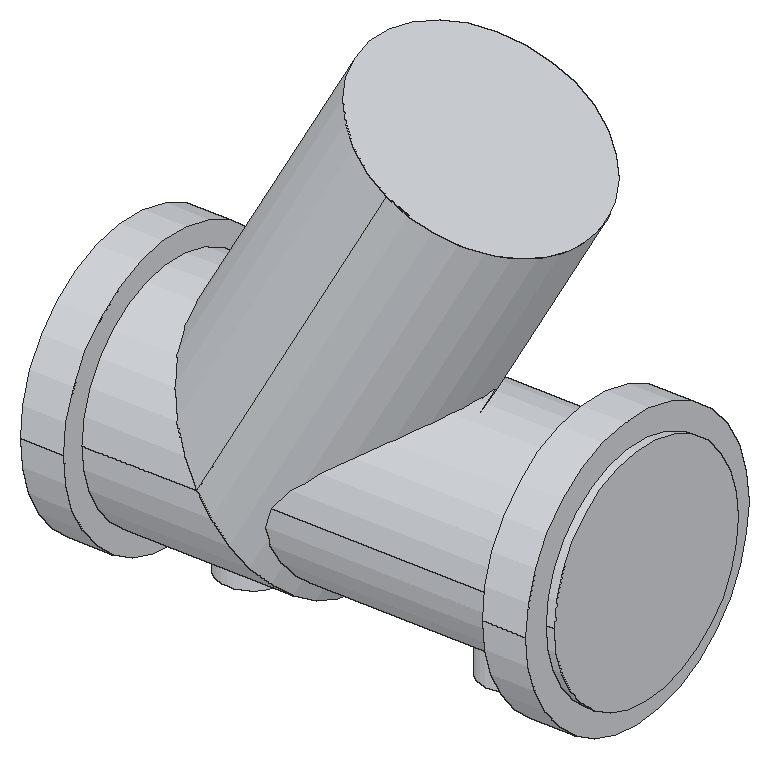
Revit family "HS 821-síto_jemné-PN16-DN350-RFA_2019", category Pipe Accessories, Revit 2019
Family settings
  Round Connector Dimension = Use Diameter
  Part Type = Breaks Into
  Work Plane-Based = No
  Always vertical = Yes
  Cut with Voids When Loaded = No
  Shared = No
Parameters (values of type "821A-DN350-PN16-síto_jemné")
  magiProductId = "eebc71459bb3451bb4355e7951370a"
  magiProductFamilyId = "79214ac3aaa945e397802f559f5c1e"
  magiPartTypeId = 307
  isMeasuringValve [instance] = no
  ang2D [instance] = 0.00°
  ZB__ve = -ZB  # -80 mm
  ZB1 = 173.745 mm
  ZB = 80 mm
  X2 = 356.875 mm
  X1 = 137.2 mm
  W2D = 15 mm
  VersionID = "2.0/2017.9.26.1/ZETKAMA_821_001"
  Use Minimum Symbol Size [instance] = yes
  URL = "www.hydronix.cz"
  Type Comments = "Filtr přírubový; síto jemné; A-PN16 (-10~300°C); D-PN25 (-10~350°C); F-PN40 (-10~400°C)"
  S = 429 mm
  QmdConnectorList = "301;D;302;D"
  Productdata [instance] = ""
  Manufacturer = "Hydronix"
  MC Product Code = "200 196 (821A; DN350; PN16; kvs2611,0; oko síta 0,63mm)"
  LM1 = 78.4 mm
  LM = 784 mm
  L4 = 245 mm
  L2D_Min = 3048 mm
  L2D = 130 mm
  L2 = 490 mm
  HH2 = 618.125 mm
  FD = 520 mm
  Description = "Filtr přírubový; síto jemné; 821A-PN16; 821D-PN25; 821F-PN40"
  DM1 = 438 mm
  DM = 386.1 mm
  D = 350 mm
  CC = 16.66 mm
  CAT0 = yes
  C1 = 81.34 mm
  C = 98 mm
  BD = 121.621 mm
Types (40, lengths in mm): name | magiProductId | ZB__ve | ZB1 | ZB | X2 | X1 | S | MC Product Code | LM1 | LM | L4 | L2 | HH2 | FD | DM1 | DM | D | CC | C1 | C | BD
  821A-DN015-PN16-síto_jemné | "a71bcfe8b393460598b23e8ddf7dc5" | -16.25 | 18.63 | 16.25 | 46.982 | 18.2 | 46 | "210 115 (821A; DN015; PN16; kvs6,2; oko síta 0,63mm)" | 10.4 | 104 | 32.5 | 65 | 81.375 | 95 | 27.6 | 41.4 | 15 | 2.21 | 10.79 | 13 | 13.041
  821A-DN020-PN16-síto_jemné | "41cd6c7a12924f4991217528336076" | -17.75 | 22.68 | 17.75 | 51.673 | 21 | 56 | "210 120 (821A; DN020; PN16; kvs9,6; oko síta 0,63mm)" | 12 | 120 | 37.5 | 75 | 89.5 | 105 | 33.6 | 50.4 | 20 | 2.55 | 12.45 | 15 | 15.876
  821A-DN025-PN16-síto_jemné | "be378b463ed14c3abf4c9b3ae8cf3a" | -19.25 | 26.325 | 19.25 | 58.601 | 22.4 | 65 | "210 125 (821A; DN025; PN16; kvs14,2; oko síta 0,63mm)" | 12.8 | 128 | 40 | 80 | 101.5 | 115 | 43.2 | 58.5 | 25 | 2.72 | 13.28 | 16 | 18.427
  821A-DN032-PN16-síto_jemné | "227a0d18b21540afabe8b6067d35fa" | -23 | 30.78 | 23 | 68.849 | 25.2 | 76 | "210 132 (821A; DN032; PN16; kvs23,1; oko síta 0,63mm)" | 14.4 | 144 | 45 | 90 | 119.25 | 140 | 50.4 | 68.4 | 32 | 3.06 | 14.94 | 18 | 21.546
  821A-DN040-PN16-síto_jemné | "d106917c74724141a10440112d0102" | -24.5 | 34.02 | 24.5 | 75.777 | 28 | 84 | "210 140 (821A; DN040; PN16; kvs36,6; oko síta 0,63mm)" | 16 | 160 | 50 | 100 | 131.25 | 150 | 60 | 75.6 | 40 | 3.4 | 16.6 | 20 | 23.814
  821A-DN050-PN16-síto_jemné | "8255d456a09e4f6486734f5dd9171b" | -26.75 | 40.095 | 26.75 | 79.061 | 32.2 | 99 | "210 150 (821A; DN050 PN16; kvs53,7; oko síta 0,63mm)" | 18.4 | 184 | 57.5 | 115 | 136.938 | 165 | 73.8 | 89.1 | 50 | 3.91 | 19.09 | 23 | 28.066
  821A-DN065-PN16-síto_jemné | "235b1b3e4c0843779a4d5e3716d40a" | -29.75 | 47.79 | 29.75 | 86.927 | 40.6 | 118 | "210 165 (821A; DN065; PN16; kvs95,1; oko síta 0,63mm)" | 23.2 | 232 | 72.5 | 145 | 150.562 | 185 | 94.2 | 106.2 | 65 | 4.93 | 24.07 | 29 | 33.453
  821A-DN080-PN16-síto_jemné | "a067f7c5236348ed8c820d16df7214" | -32 | 53.46 | 32 | 104.753 | 43.4 | 132 | "210 180 (821A; DN080; PN16; kvs137,1; oko síta 0,63mm)" | 24.8 | 248 | 77.5 | 155 | 181.438 | 200 | 107.4 | 118.8 | 80 | 5.27 | 25.73 | 31 | 37.422
  821A-DN100-PN16-síto_jemné | "c49a648c2747461285837d643703cd" | -35 | 63.18 | 35 | 114.857 | 49 | 156 | "210 190 (821A; DN100; PN16; kvs206,4; oko síta 0,63mm)" | 28 | 280 | 87.5 | 175 | 198.937 | 220 | 131.4 | 140.4 | 100 | 5.95 | 29.05 | 35 | 44.226
  821A-DN125-PN16-síto_jemné | "bf68e728a163493cbd2a663b26ebdc" | -39.5 | 74.52 | 39.5 | 131.888 | 56 | 184 | "210 191 (821A; DN125; PN16; kvs268,8; oko síta 0,63mm)" | 32 | 320 | 100 | 200 | 228.438 | 250 | 165 | 165.6 | 125 | 6.8 | 33.2 | 40 | 52.164
  821A-DN150-PN16-síto_jemné | "2de770284b654863ae6bc865769dc5" | -44.75 | 85.455 | 44.75 | 155.885 | 67.2 | 211 | "210 192 (821A; DN150; PN16; kvs401,4; oko síta 0,63mm)" | 38.4 | 384 | 120 | 240 | 270 | 285 | 192 | 189.9 | 150 | 8.16 | 39.84 | 48 | 59.818
  821A-DN200-PN16-síto_jemné | "8e5693371ab64aabb29a7f08c76e15" | -53 | 107.73 | 53 | 188.361 | 84 | 266 | "210 193 (821A; DN200; PN16; kvs706,7; oko síta 0,63mm)" | 48 | 480 | 150 | 300 | 326.25 | 340 | 252 | 239.4 | 200 | 10.2 | 49.8 | 60 | 75.411
  821A-DN250-PN16-síto_jemné | "05e37ed948c34047acdd4c42556504" | -62.75 | 129.195 | 62.75 | 255.911 | 102.2 | 319 | "210 194 (821A; DN250; PN16; kvs1229,4; oko síta 0,63mm)" | 58.4 | 584 | 182.5 | 365 | 443.25 | 405 | 309.6 | 287.1 | 250 | 12.41 | 60.59 | 73 | 90.436
  821A-DN300-PN16-síto_jemné | "9ad0af747269428da925480d83ce80" | -71 | 149.85 | 71 | 325.914 | 119 | 370 | "210 195 (821A; DN300; PN16; kvs1902,4; oko síta 0,63mm)" | 68 | 680 | 212.5 | 425 | 564.5 | 460 | 369.6 | 333 | 300 | 14.45 | 70.55 | 85 | 104.895
  821A-DN350-PN16-síto_jemné | "eebc71459bb3451bb4355e7951370a" | -80 | 173.745 | 80 | 356.875 | 137.2 | 429 | "200 196 (821A; DN350; PN16; kvs2611,0; oko síta 0,63mm)" | 78.4 | 784 | 245 | 490 | 618.125 | 520 | 438 | 386.1 | 350 | 16.66 | 81.34 | 98 | 121.621
  821A-DN400-PN16-síto_jemné | "d2f677cb196647e385b2590e7d8abe" | -89 | 194.4 | 89 | 392.237 | 154 | 480 | "210 197 (821A; DN400; PN16; kvs3438,4; oko síta 0,63mm)" | 88 | 880 | 275 | 550 | 679.375 | 580 | 498 | 432 | 400 | 18.7 | 91.3 | 110 | 136.08
  821D-DN015-PN25-síto_jemné | "27ddcbf555414f8ca1fde329bf9087" | -16.25 | 18.63 | 16.25 | 46.982 | 18.2 | 46 | "210 215 (821D; DN015; PN25; kvs6,2; oko síta 0,63mm)" | 10.4 | 104 | 32.5 | 65 | 81.375 | 95 | 27.6 | 41.4 | 15 | 2.21 | 10.79 | 13 | 13.041
  821D-DN020-PN25-síto_jemné | "270e0f14012f47189cd0235c18faee" | -17.75 | 22.68 | 17.75 | 51.673 | 21 | 56 | "210 220 (821D; DN020; PN25; kvs9,6; oko síta 0,63mm)" | 12 | 120 | 37.5 | 75 | 89.5 | 105 | 33.6 | 50.4 | 20 | 2.55 | 12.45 | 15 | 15.876
  821D-DN025-PN25-síto_jemné | "b9a7fb4aa36643878c637d8e1ab992" | -19.25 | 26.325 | 19.25 | 58.601 | 22.4 | 65 | "210 225 (821D; DN025; PN25; kvs14,2; oko síta 0,63mm)" | 12.8 | 128 | 40 | 80 | 101.5 | 115 | 43.2 | 58.5 | 25 | 2.72 | 13.28 | 16 | 18.427
  821D-DN032-PN25-síto_jemné | "6be9a55c4e68400f94eec7e804204c" | -23 | 30.78 | 23 | 68.849 | 25.2 | 76 | "210 232 (821D; DN032; PN25; kvs23,1; oko síta 0,63mm)" | 14.4 | 144 | 45 | 90 | 119.25 | 140 | 50.4 | 68.4 | 32 | 3.06 | 14.94 | 18 | 21.546
  821D-DN040-PN25-síto_jemné | "c54511bd7f584ec2984291479612cb" | -24.5 | 34.02 | 24.5 | 75.777 | 28 | 84 | "210 240 (821D; DN040; PN25; kvs36,6; oko síta 0,63mm)" | 16 | 160 | 50 | 100 | 131.25 | 150 | 60 | 75.6 | 40 | 3.4 | 16.6 | 20 | 23.814
  821D-DN050-PN25-síto_jemné | "5483b1f596b04cd39b23a14a22c90e" | -26.75 | 40.095 | 26.75 | 79.061 | 32.2 | 99 | "210 250 (821D; DN050; PN25; kvs53,7; oko síta 0,63mm)" | 18.4 | 184 | 57.5 | 115 | 136.938 | 165 | 73.8 | 89.1 | 50 | 3.91 | 19.09 | 23 | 28.066
  821D-DN065-PN25-síto_jemné | "767b0f8318e94750bc7a9930ed5b30" | -29.75 | 47.79 | 29.75 | 86.927 | 40.6 | 118 | "210 265 (821D; DN065; PN25; kvs95,1; oko síta 0,63mm)" | 23.2 | 232 | 72.5 | 145 | 150.562 | 185 | 94.2 | 106.2 | 65 | 4.93 | 24.07 | 29 | 33.453
  821D-DN080-PN25-síto_jemné | "e21040fa3cc2404b858198f6b73709" | -32 | 53.46 | 32 | 104.753 | 43.4 | 132 | "210 280 (821D; DN080; PN25; kvs137,1; oko síta 0,63mm)" | 24.8 | 248 | 77.5 | 155 | 181.438 | 200 | 107.4 | 118.8 | 80 | 5.27 | 25.73 | 31 | 37.422
  821D-DN100-PN25-síto_jemné | "175ca87a506b40b3bc6b82f12f33cf" | -37.25 | 63.18 | 37.25 | 114.857 | 49 | 156 | "210 290 (821D; DN100; PN25; kvs206,4; oko síta 0,63mm)" | 28 | 280 | 87.5 | 175 | 198.937 | 235 | 131.4 | 140.4 | 100 | 5.95 | 29.05 | 35 | 44.226
  821D-DN125-PN25-síto_jemné | "77cc98d60da24855999a22dff726b2" | -42.5 | 74.52 | 42.5 | 131.888 | 56 | 184 | "210 291 (821D; DN125; PN25; kvs268,8; oko síta 0,63mm)" | 32 | 320 | 100 | 200 | 228.438 | 270 | 165 | 165.6 | 125 | 6.8 | 33.2 | 40 | 52.164
  821D-DN150-PN25-síto_jemné | "9cf8acfcd15547d68e83172d3abcbe" | -47 | 85.455 | 47 | 155.885 | 67.2 | 211 | "210 292 (821D; DN150; PN25; kvs401,4; oko síta 0,63mm)" | 38.4 | 384 | 120 | 240 | 270 | 300 | 192 | 189.9 | 150 | 8.16 | 39.84 | 48 | 59.818
  821D-DN200-PN25-síto_jemné | "16973f3c9ea14389ba8602495a6b64" | -56 | 110.97 | 56 | 188.361 | 84 | 274 | "210 293 (821D; DN200; PN25; kvs706,7; oko síta 0,63mm)" | 48 | 480 | 150 | 300 | 326.25 | 360 | 252 | 246.6 | 200 | 10.2 | 49.8 | 60 | 77.679
  821F-DN015-PN40-síto_jemné | "4c7eaf3c4c0340888b3e684d8a8616" | -16.25 | 18.225 | 16.25 | 46.982 | 18.2 | 45 | "250 615 (821F; DN015; PN40; kvs6,2; oko síta 0,63mm)" | 10.4 | 104 | 32.5 | 65 | 81.375 | 95 | 27.6 | 40.5 | 15 | 2.21 | 10.79 | 13 | 12.757
  821F-DN020-PN40-síto_jemné | "aaac5f1ec96b44d6ba96ac2293d66d" | -17.75 | 23.49 | 17.75 | 51.673 | 21 | 58 | "250 620 (821F; DN020; PN40; kvs9,6; oko síta 0,63mm)" | 12 | 120 | 37.5 | 75 | 89.5 | 105 | 33.6 | 52.2 | 20 | 2.55 | 12.45 | 15 | 16.443
  821F-DN025-PN40-síto_jemné | "504768023968471481789485b54c7e" | -19.25 | 27.54 | 19.25 | 58.601 | 22.4 | 68 | "250 625 (821F; DN025; PN40; kvs14,2; oko síta 0,63mm)" | 12.8 | 128 | 40 | 80 | 101.5 | 115 | 43.2 | 61.2 | 25 | 2.72 | 13.28 | 16 | 19.278
  821F-DN032-PN40-síto_jemné | "165e7f39cf744f329bdf1c400dad12" | -23 | 31.59 | 23 | 68.849 | 25.2 | 78 | "250 632 (821F; DN032; PN40; kvs23,1; oko síta 0,63mm)" | 14.4 | 144 | 45 | 90 | 119.25 | 140 | 50.4 | 70.2 | 32 | 3.06 | 14.94 | 18 | 22.113
  821F-DN040-PN40-síto_jemné | "b8903f952089408fbf3a5a632bab1f" | -24.5 | 35.64 | 24.5 | 75.777 | 28 | 88 | "250 640 (821F; DN040; PN40; kvs36,6; oko síta 0,63mm)" | 16 | 160 | 50 | 100 | 131.25 | 150 | 60 | 79.2 | 40 | 3.4 | 16.6 | 20 | 24.948
  821F-DN050-PN40-síto_jemné | "c451f97266fe48da8f879cb6a2bd44" | -26.75 | 41.31 | 26.75 | 79.061 | 32.2 | 102 | "250 650 (821F; DN050; PN40; kvs53,7; oko síta 0,63mm)" | 18.4 | 184 | 57.5 | 115 | 136.938 | 165 | 73.8 | 91.8 | 50 | 3.91 | 19.09 | 23 | 28.917
  821F-DN065-PN40-síto_jemné | "dc9821e3f9b34e128f6a8c6b34c198" | -29.75 | 49.41 | 29.75 | 86.927 | 40.6 | 122 | "250 665 (821F; DN065; PN40; kvs95,1; oko síta 0,63mm)" | 23.2 | 232 | 72.5 | 145 | 150.562 | 185 | 94.2 | 109.8 | 65 | 4.93 | 24.07 | 29 | 34.587
  821F-DN080-PN40-síto_jemné | "689aa1e260f84cf4994f027a1d86b5" | -32 | 55.89 | 32 | 104.753 | 43.4 | 138 | "250 680 (821F; DN080; PN40; kvs137,1; oko síta 0,63mm)" | 24.8 | 248 | 77.5 | 155 | 181.438 | 200 | 107.4 | 124.2 | 80 | 5.27 | 25.73 | 31 | 39.123
  821F-DN100-PN40-síto_jemné | "8a45d4e8e2ab425f8c432f21d684f3" | -37.25 | 65.61 | 37.25 | 114.857 | 49 | 162 | "250 690 (821F; DN100; PN40; kvs206,4; oko síta 0,63mm)" | 28 | 280 | 87.5 | 175 | 198.937 | 235 | 131.4 | 145.8 | 100 | 5.95 | 29.05 | 35 | 45.927
  821F-DN125-PN40-síto_jemné | "cf073904c006406b8645afa67ea2fc" | -42.5 | 76.14 | 42.5 | 131.888 | 56 | 188 | "250 691 (821F; DN125; PN40; kvs268,8; oko síta 0,63mm)" | 32 | 320 | 100 | 200 | 228.438 | 270 | 165 | 169.2 | 125 | 6.8 | 33.2 | 40 | 53.298
  821F-DN150-PN40-síto_jemné | "0153b9ddabe14992a630484929fdbc" | -47 | 88.29 | 47 | 155.885 | 67.2 | 218 | "250 692 (821F; DN150; PN40; kvs401,4; oko síta 0,63mm)" | 38.4 | 384 | 120 | 240 | 270 | 300 | 192 | 196.2 | 150 | 8.16 | 39.84 | 48 | 61.803
  821F-DN200-PN40-síto_jemné | "7fb3fc01dd8d42428c203e3f8dd4d5" | -56 | 115.425 | 56 | 188.361 | 84 | 285 | "250 693 (821F; DN200; PN40; kvs706,7; oko síta 0,63mm)" | 48 | 480 | 150 | 300 | 326.25 | 360 | 252 | 256.5 | 200 | 10.2 | 49.8 | 60 | 80.797
Reference planes
  plane 1 "Center (Front/Back)": y = 0
  plane 2 "XYPLANE": z = 0
  plane 3 "Center (Left/Right)": x = 0
  plane 4 "109": x = -313.6
  plane 5 "108": x = 392
  plane 6 "107": x = -392
  plane 7 "105": x = 490
  plane 8 "104": x = -490
  plane 9 "103": y = 0
  plane 10 "102": z = 0
  plane 11 "101": x = -473.34
  plane 12 "100": x = 473.34
  plane 13 "11": x = -176.4
  plane 14 "10": z = 618.125
  plane 15 "9": x = 180.475
  plane 16 "5": z = -173.745
  plane 17 "4": x = -245
  plane 18 "1": x = 245
Forms (mm)
  Extrusion 1, solid, visible <- "CAT0"
    sketch origin (-392, -750, 0) x (0, 1, 0) y (0, 0, 1)
      loop
        circle (750, 0) r 193.05
    from 0 to 784 <- "LM"
  Extrusion 2, solid
    sketch origin (-490, -750, 0) x (0, 1, 0) y (0, 0, 1)
      loop
        circle (750, 0) r 214.5
    from 0 to 16.66 <- "CC"
  Extrusion 3, solid
    sketch origin (-473.34, -750, 0) x (0, 1, 0) y (0, 0, 1)
      loop
        circle (750, 0) r 260
    from 0 to 81.34 <- "C1"
  Extrusion 4, solid
    sketch origin (392, -750, 0) x (0, 1, 0) y (0, 0, 1)
      loop
        circle (750, 0) r 260
    from 0 to 81.34 <- "C1"
  Extrusion 5, solid
    sketch origin (473.34, -750, 0) x (0, 1, 0) y (0, 0, 1)
      loop
        circle (750, 0) r 214.5
    from 0 to 16.66 <- "CC"
  Sweep 6, solid, visible <- "CAT0"
    path origin (750, 0, 0) x (-1, 0, 0) y (0, 0, 1)
      loop
        line (1142, 0) -> (926.4, 0) -> (569.525, 618.125)
    profile origin (-392, 0, 0) x (0, 0, -1) y (0, 1, 0)
      loop
        circle (0, 0) r 219
  Extrusion 7, solid, visible <- "CAT0"
    sketch origin (-750, 0, -173.745) x (1, 0, 0) y (0, 1, 0)
      loop
        circle (505, 0) r 60.811
    from 0 to -80 <- "ZB__ve"
  Extrusion 8, solid, visible <- "CAT0"
    sketch origin (-750, 0, -173.745) x (1, 0, 0) y (0, 1, 0)
      loop
        circle (995, 0) r 60.811
    from 0 to -80 <- "ZB__ve"
  Extrusion 9, solid, not visible
    sketch origin (490, -750, 0) x (0, 1, 0) y (0, 0, 1)
      loop
        circle (750, 0) r 10
    from 0 to -10
  Extrusion 10, solid, not visible
    sketch origin (-490, -750, 0) x (0, 1, 0) y (0, 0, 1)
      loop
        circle (750, 0) r 10
    from 0 to 10
Lines and regions (mm)
  reference lines, not visible
    curve 1: circle (2, 2, 0) r 1 normal (0, 0, 1)
Dimensions and locks
  plane 1 "Center (Front/Back)" to curve 1 = 2 mm
  "LM1": plane 6 "107" to plane 4 "109"
  "LM": plane 6 "107" to plane 5 "108"
  "C": plane 8 "104" to plane 6 "107"
  "L2": plane 3 "Center (Left/Right)" to plane 7 "105"
  "L2": plane 3 "Center (Left/Right)" to plane 8 "104"
  locked: plane 1 "Center (Front/Back)" to plane 9 "103"
  locked: plane 2 "XYPLANE" to plane 10 "102"
  "CC": plane 8 "104" to plane 11 "101"
  "C1": plane 5 "108" to plane 12 "100"
  "X1": plane 4 "109" to plane 13 "11"
  "HH2": plane 2 "XYPLANE" to plane 14 "10"
  "X2": plane 13 "11" to plane 15 "9"
  "ZB1": plane 2 "XYPLANE" to plane 16 "5"
  "L4": plane 8 "104" to plane 17 "4"
  "L2": plane 17 "4" to plane 18 "1"
  Sweep 6 sketch curve to Sweep 6 sketch curve = 0 mm  (x2)
  "DM": diameter of Extrusion 1 sketch curve
  "S": diameter of Extrusion 2 sketch curve
  "FD": diameter of Extrusion 3 sketch curve
  "FD": diameter of Extrusion 4 sketch curve
  "S": diameter of Extrusion 5 sketch curve
  "DM1": diameter of Sweep 6 sketch curve
  "BD": diameter of Extrusion 7 sketch curve
  "BD": diameter of Extrusion 8 sketch curve
  aligned and locked: level to plane 2 "XYPLANE"
  aligned and locked: Extrusion 1 sketch curve to plane 9 "103"
  aligned and locked: plane 10 "102" to Extrusion 1 sketch curve
  aligned and locked: Extrusion 2 sketch curve to plane 9 "103"
  aligned and locked: plane 10 "102" to Extrusion 2 sketch curve
  aligned and locked: Extrusion 3 sketch curve to plane 9 "103"
  aligned and locked: plane 10 "102" to Extrusion 3 sketch curve
  aligned and locked: Extrusion 4 sketch curve to plane 9 "103"
  aligned and locked: plane 10 "102" to Extrusion 4 sketch curve
  aligned and locked: Extrusion 5 sketch curve to plane 9 "103"
  aligned and locked: plane 10 "102" to Extrusion 5 sketch curve
  aligned and locked: Sweep 6 sketch curve to plane 9 "103"
  aligned and locked: plane 10 "102" to Sweep 6 sketch curve  (x3)
  aligned and locked: plane 6 "107" to Sweep 6 sketch curve
  aligned and locked: plane 13 "11" to Sweep 6 sketch curve
  aligned and locked: plane 14 "10" to Sweep 6 sketch curve
  aligned and locked: plane 15 "9" to Sweep 6 sketch curve
  aligned and locked: plane 9 "103" to Extrusion 7 sketch curve
  aligned and locked: plane 17 "4" to Extrusion 7 sketch curve
  aligned and locked: plane 9 "103" to Extrusion 8 sketch curve
  aligned and locked: plane 18 "1" to Extrusion 8 sketch curve
  aligned and locked: Extrusion 9 sketch curve to plane 9 "103"
  aligned and locked: plane 10 "102" to Extrusion 9 sketch curve
  aligned and locked: Extrusion 10 sketch curve to plane 9 "103"
  aligned and locked: plane 10 "102" to Extrusion 10 sketch curve
Automatic sketch dimensions
  plane 1 "Center (Front/Back)" to Extrusion 9 sketch curve = 10 mm
  plane 1 "Center (Front/Back)" to Extrusion 10 sketch curve = 10 mm
  plane 3 "Center (Left/Right)" to curve 1 = 2 mm
  radius of curve 1 = 1 mm
Connectors
  piping at (-490, 0, 0), diameter 350, driven by "D"
    settings: on Extrusion 10, index 1, connector inside diameter 609.6 mm, connector length 0 mm, flow factor 0, pipe flow 0.0 L/s, pressure drop 0.0 Pa, fitting loss kfactor 0, connector angle 0.00°, fixture units 0, engagement length 0 mm, angle of deflection 0.00°, flow configuration 0, flow direction 0, fitting loss method 0, system type 29, joint type 0, gender type 0, connector reference index 2, connector utility 0, adjustable connector no, is connector primary yes, connector description ""
  piping at (490, 0, 0), diameter 350, driven by "D"
    settings: on Extrusion 9, index 2, connector inside diameter 609.6 mm, connector length 0 mm, flow factor 0, pipe flow 0.0 L/s, pressure drop 0.0 Pa, fitting loss kfactor 0, connector angle 0.00°, fixture units 0, engagement length 0 mm, angle of deflection 0.00°, flow configuration 0, flow direction 0, fitting loss method 0, system type 29, joint type 0, gender type 0, connector reference index 1, connector utility 0, adjustable connector no, is connector primary no, connector description ""
